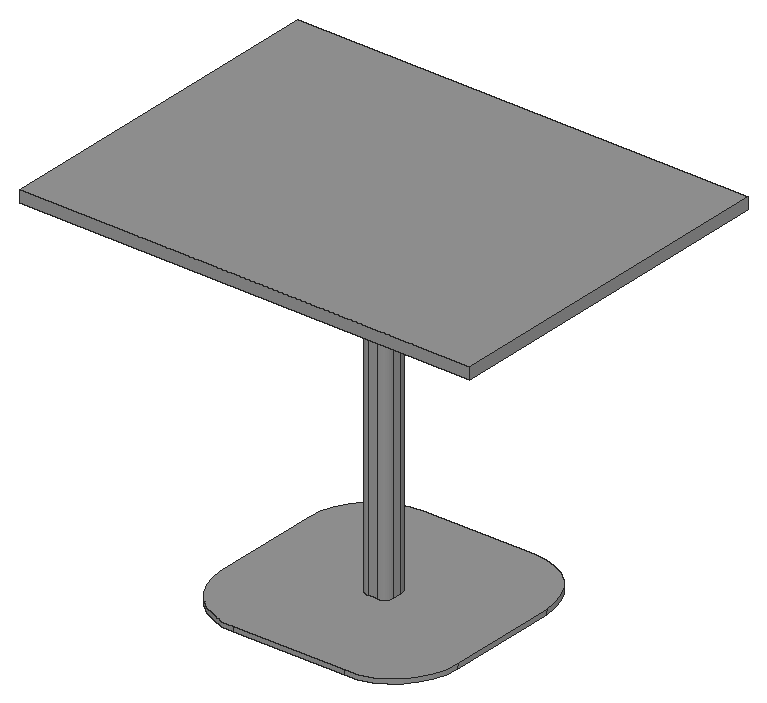
Revit family "MyFlowTable", category Furniture, Revit 2019
Family settings
  OmniClass Number = 23.40.20.00
  OmniClass Title = General Furniture and Specialties
  Work Plane-Based = No
  Always vertical = Yes
  Cut with Voids When Loaded = No
  Shared = No
  Room Calculation Point = No
Parameters
  Width [instance] = 500 mm
  Version = ""
  Uniclass2015Version = ""
  Uniclass2015Title = ""
  Uniclass2015Description = ""
  Uniclass2015Code = ""
  UNSPSCCode = ""
  TableTopColour [instance] = White (TableTop)
  SharpCourners [instance] = yes
  RoundedCourners [instance] = no
  Rounded/SharpCourner [instance] = no
  Revision = ""
  ProductInformation = ""
  NorminalHeight = 0 mm
  NorminalDepth = 0 mm
  Model = "MyFlow Table"
  Manufacturer = "ISKU"
  ManufactureURL = "https://www.isku.fi"
  LegColour [instance] = White (Leg)
  IfcExportType = ""
  IfcExportAs = ""
  IfcClassification = ""
  Height [instance] = 400 mm
  Depth [instance] = 385 mm
  COBIeTypeCategory = ""
  BIMObjectName = ""
  AuthorURL = "https://www.prodlib.com"
  Author = "ProdLib Oy"  # constant formula
Reference planes
  plane 1 "Center (Front/Back)": y = 0
  plane 2: z = 0
  plane 3 "Center (Left/Right)": x = 0
  plane 4: x = -250
  plane 5: y = 192.5
  plane 6: x = 250
  plane 7: y = -192.5
  plane 8: z = 400
Dimensions and locks
  equal spacing: plane 4, plane 3 "Center (Left/Right)", plane 6
  "Width": plane 4 to plane 6
  equal spacing: plane 7, plane 1 "Center (Front/Back)", plane 5
  "Depth": plane 7 to plane 5
  "Height": plane 8 to plane 2
  aligned and locked: level to plane 2
  aligned and locked: plane 1 "Center (Front/Back)" to nested 1
  aligned and locked: plane 3 "Center (Left/Right)" to nested 1
  aligned and locked: plane 3 "Center (Left/Right)" to nested 2
  aligned and locked: plane 8 to nested 2
Nested families
  nested 1: "TableLeg" at (0, 0, 0), type "TableLeg"
  nested 2: "TableTop" at (0, 0, 0), type "SharpCourneus"
    with Width 500 mm, Height 400 mm, Depth 385 mm
Definition of nested family "TableLeg"
  Parameters (values of type "TableLeg")
    Version = ""
    Uniclass2015Version = ""
    Uniclass2015Title = ""
    Uniclass2015Description = ""
    Uniclass2015Code = ""
    UNSPSCCode = ""
    Revision = ""
    ProductInformation = ""
    NorminalHeight = 0 mm
    NorminalDepth = 0 mm
    Model = "MyFlow Table"
    Manufacturer = "ISKU"
    ManufactureURL = "https://www.isku.com/fi/fi"
    LegColour = none
    IfcExportType = ""
    IfcExportAs = ""
    IfcClassification = ""
    Height = 400 mm
    COBIeTypeCategory = ""
    BIMObjectName = ""
    AuthorURL = "https://www.prodlib.com"
    Author = "ProdLib Oy"  # constant formula
  Reference planes
    plane 1 "Center (Front/Back)": y = 0
    plane 2: z = 0
    plane 3 "Center (Left/Right)": x = 0
    plane 4: x = -131.5
    plane 5: y = 131.5
    plane 6: y = -131.5
    plane 7: z = 400
    plane 8: z = 5
    plane 9: z = 382
    plane 10: x = 131.5
    plane 11: x = -131.5
    plane 12: y = -131.5
    plane 13: x = 131.5
    plane 14: z = 387
  Forms (mm)
    Extrusion 1, solid, material <- "LegColour"
      sketch origin (0, 0, 0) x (1, 0, 0) y (0, 1, 0)
        loop
          arc (-61.5, 131.5) -> (-110.998, 110.997) -> (-131.5, 61.5) r 70
          line (-131.5, 61.5) -> (-131.5, -61.5)
          arc (-131.5, -61.5) -> (-110.998, -110.998) -> (-61.5, -131.5) r 70
          line (-61.5, -131.5) -> (61.5, -131.5)
          arc (61.5, -131.5) -> (110.997, -110.998) -> (131.5, -61.5) r 70
          line (131.5, -61.5) -> (131.5, 61.5)
          arc (131.5, 61.5) -> (110.997, 110.997) -> (61.5, 131.5) r 70
          line (61.5, 131.5) -> (-61.5, 131.5)
      from 0 to 5
    Extrusion 2, solid, material <- "LegColour"
      sketch origin (0, 0, 0) x (1, 0, 0) y (0, 1, 0)
        loop
          arc (-5, 15) -> (-12.071, 12.071) -> (-15, 5) r 10
          line (-15, 5) -> (-15, -5)
          arc (-15, -5) -> (-12.071, -12.071) -> (-5, -15) r 10
          line (-5, -15) -> (5, -15)
          arc (5, -15) -> (12.071, -12.071) -> (15, -5) r 10
          line (15, -5) -> (15, 5)
          arc (15, 5) -> (12.071, 12.071) -> (5, 15) r 10
          line (5, 15) -> (-5, 15)
      from 5 to 382
    Extrusion 3, solid, material <- "LegColour"
      sketch origin (160, 0, 0) x (1, 0, 0) y (0, 1, 0)
        loop
          arc (-221.5, 131.5) -> (-270.998, 110.997) -> (-291.5, 61.5) r 70
          line (-291.5, 61.5) -> (-291.5, -61.5)
          arc (-291.5, -61.5) -> (-270.998, -110.997) -> (-221.5, -131.5) r 70
          line (-221.5, -131.5) -> (-98.5, -131.5)
          arc (-98.5, -131.5) -> (-49.003, -110.997) -> (-28.5, -61.5) r 70
          line (-28.5, -61.5) -> (-28.5, 61.5)
          arc (-28.5, 61.5) -> (-49.003, 110.997) -> (-98.5, 131.5) r 70
          line (-98.5, 131.5) -> (-221.5, 131.5)
      from 382 to 387
  Dimensions and locks
    equal spacing: plane 6, plane 1 "Center (Front/Back)", plane 5
    "Height": plane 7 to plane 2
    plane 5 to plane 6 = 263 mm
    equal spacing: plane 4, plane 3 "Center (Left/Right)", plane 13
    plane 4 to plane 13 = 263 mm
    locked: plane 7 to plane 9 at 18
    locked: plane 14 to plane 9 at 5
    aligned and locked: level to plane 2
    aligned and locked: Extrusion 1 to plane 2
    aligned and locked: Extrusion 1 to plane 8
    aligned and locked: Extrusion 2 to plane 9
    aligned and locked: plane 8 to Extrusion 2
    aligned and locked: Extrusion 1 to plane 10  (x3)
    aligned and locked: Extrusion 1 to plane 11  (x2)
    aligned and locked: plane 9 to Extrusion 2
    aligned and locked: plane 14 to Extrusion 3
    aligned and locked: plane 9 to Extrusion 3
    aligned and locked: Extrusion 3 to plane 4
    aligned and locked: Extrusion 3 to plane 10
    aligned and locked: plane 5 to Extrusion 3
    aligned and locked: Extrusion 3 to plane 6
  Automatic sketch dimensions
    Extrusion 1 sketch curve to plane 4 = 0 mm
    Extrusion 1 sketch curve to plane 5 = 0 mm
    Extrusion 1 sketch curve to plane 12 = 0 mm
    Extrusion 1 sketch curve to plane 10 = 0 mm
    Extrusion 1 sketch curve to plane 1 "Center (Front/Back)" = 61.5 mm  (x2)
    plane 1 "Center (Front/Back)" to Extrusion 1 sketch curve = 61.5 mm
    plane 3 "Center (Left/Right)" to Extrusion 1 sketch curve = 61.5 mm
    Extrusion 2 sketch curve to plane 1 "Center (Front/Back)" = 5 mm  (x2)
    Extrusion 2 sketch curve to plane 3 "Center (Left/Right)" = 15 mm
    Extrusion 2 sketch curve to plane 3 "Center (Left/Right)" = 5 mm  (x2)
    plane 3 "Center (Left/Right)" to Extrusion 2 sketch curve = 5 mm  (x2)
    plane 1 "Center (Front/Back)" to Extrusion 2 sketch curve = 5 mm
    Extrusion 3 sketch curve to plane 5 = 0 mm
    plane 12 to Extrusion 3 sketch curve = 0 mm
    Extrusion 3 sketch curve to plane 3 "Center (Left/Right)" = 131.5 mm
    plane 10 to Extrusion 3 sketch curve = 193 mm  (x2)
    plane 13 to Extrusion 3 sketch curve = 70 mm  (x2)
    plane 1 "Center (Front/Back)" to Extrusion 3 sketch curve = 61.5 mm
Definition of nested family "TableTop"
  Parameters (values of type "SharpCourneus")
    Width = 350 mm
    Version = ""
    Uniclass2015Version = ""
    Uniclass2015Title = ""
    Uniclass2015Description = ""
    Uniclass2015Code = ""
    UNSPSCCode = ""
    TableTopColour = none
    SharpCourners = yes
    RoundedCourners = no
    Rounded/SharpCourners = no
    Revision = ""
    ProductInformation = ""
    NorminalHeight = 0 mm
    NorminalDepth = 0 mm
    ManufactureURL = ""
    IfcExportType = ""
    IfcExportAs = ""
    IfcClassification = ""
    Height = 1200 mm
    Depth = 350 mm
    COBIeTypeCategory = ""
    BIMObjectName = ""
    AuthorURL = "https://www.prodlib.com"
    Author = "ProdLib Oy"  # constant formula
  Types (3, lengths in mm): name | Width | SharpCourners | RoundedCourners | Rounded/SharpCourners | Height | Depth
    SharpCourneus | 350 | yes | no | no | 1200 | 350
    RoundedCourners | 500 | no | yes | no | 400 | 385
    Rounded/SharpCourners | 500 | no | no | yes | 400 | 385
  Reference planes
    plane 1 "Center (Front/Back)": y = 0
    plane 2: z = 0
    plane 3 "Center (Left/Right)": x = 0
    plane 4: x = 175
    plane 5: x = -175
    plane 6: y = -175
    plane 7: z = 1200
    plane 8: y = 175
    plane 9: z = 1187
  Forms (mm)
    Extrusion 1, solid, material <- "TableTopColour", visible <- "RoundedCourners"
      sketch origin (0, 0, 0) x (1, 0, 0) y (0, 1, 0)
        loop
          arc (-105, 175) -> (-154.498, 154.498) -> (-175, 105) r 70
          line (-175, 105) -> (-175, 0) -> (-175, -105)
          arc (-175, -105) -> (-154.498, -154.498) -> (-105, -175) r 70
          line (-105, -175) -> (0, -175) -> (105, -175)
          arc (105, -175) -> (154.498, -154.498) -> (175, -105) r 70
          line (175, -105) -> (175, 0) -> (175, 105)
          arc (175, 105) -> (154.498, 154.498) -> (105, 175) r 70
          line (105, 175) -> (0, 175) -> (-105, 175)
      from 1187 to 1200
    Extrusion 2, solid, material <- "TableTopColour", visible <- "SharpCourners"
      sketch origin (0, 0, 0) x (1, 0, 0) y (0, 1, 0)
        loop
          line (-175, 175) -> (-175, -175) -> (175, -175) -> (175, 175) -> (-175, 175)
      from 1187 to 1200
    Extrusion 3, solid, material <- "TableTopColour", visible <- "Rounded/SharpCourners"
      sketch origin (0, 0, 0) x (1, 0, 0) y (0, 1, 0)
        loop
          line (175, 175) -> (-105, 175)
          arc (-105, 175) -> (-154.498, 154.498) -> (-175, 105) r 70
          line (-175, 105) -> (-175, -105)
          arc (-175, -105) -> (-154.498, -154.498) -> (-105, -175) r 70
          line (-105, -175) -> (175, -175) -> (175, 175)
      from 1187 to 1200
  Dimensions and locks
    equal spacing: plane 5, plane 3 "Center (Left/Right)", plane 4
    "Width": plane 5 to plane 4
    "Height": plane 7 to plane 2
    equal spacing: plane 6, plane 1 "Center (Front/Back)", plane 8
    "Depth": plane 6 to plane 8
    locked: plane 7 to plane 9 at 13
    aligned and locked: level to plane 2
    aligned and locked: plane 7 to Extrusion 1
    aligned and locked: plane 9 to Extrusion 1
    aligned and locked: plane 7 to Extrusion 2
    aligned and locked: plane 9 to Extrusion 2
    aligned and locked: plane 4 to Extrusion 3
    aligned and locked: Extrusion 3 to plane 8
    aligned and locked: Extrusion 3 to plane 6
    aligned and locked: plane 5 to Extrusion 3
    aligned and locked: plane 7 to Extrusion 3
    aligned and locked: plane 9 to Extrusion 3
  Automatic sketch dimensions
    Extrusion 1 sketch curve to plane 5 = 0 mm
    plane 8 to Extrusion 1 sketch curve = 0 mm
    Extrusion 1 sketch curve to plane 6 = 0 mm
    Extrusion 1 sketch curve to plane 3 "Center (Left/Right)" = 0 mm  (x2)
    Extrusion 1 sketch curve to plane 4 = 0 mm
    plane 1 "Center (Front/Back)" to Extrusion 1 sketch curve = 0 mm  (x2)
    Extrusion 1 sketch curve to plane 5 = 70 mm
    Extrusion 1 sketch curve to Extrusion 1 sketch curve = 70 mm
    Extrusion 1 sketch curve to plane 4 = 70 mm  (x2)
    Extrusion 2 sketch curve to plane 5 = 0 mm
    Extrusion 2 sketch curve to plane 4 = 0 mm
    Extrusion 2 sketch curve to plane 6 = 0 mm
    plane 8 to Extrusion 2 sketch curve = 0 mm
    Extrusion 3 sketch curve to plane 5 = 0 mm
    Extrusion 3 sketch curve to plane 6 = 0 mm
    plane 8 to Extrusion 3 sketch curve = 0 mm
    Extrusion 3 sketch curve to plane 4 = 0 mm
    Extrusion 3 sketch curve to plane 5 = 70 mm
    plane 8 to Extrusion 3 sketch curve = 70 mm
